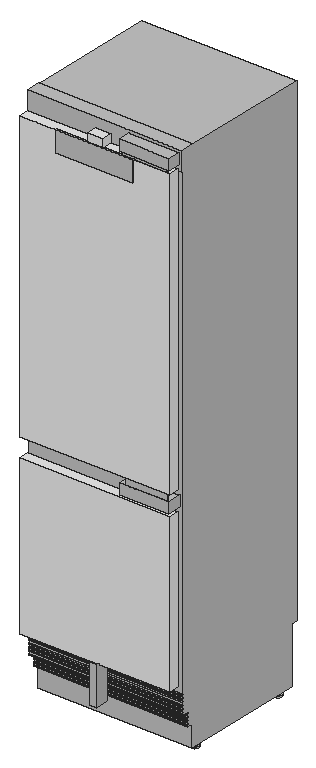
Revit family "FP-Revit18-RS6121WRUK1-FridgeFreezer-0-AS-AU-CN-EU-IE-NZ-SG-UK-90001108A", category Specialty Equipment, Revit 2020 (continued)
Definition of nested family "Handle Contemporary Square - Horizontal"
  Types (7, lengths in mm): name | Handle - Length
    (no name) | 646
    AHD3RD2484W - Contemporary square handle (2 of 2) (Horizontal) 494mm | 494
    AHD3RD3084W - Contemporary square handle (2 of 2) (Horizontal) 646mm | 646
    AHD3RS3272A - Contemporary square handle (2 of 2) (Horizontal) 646mm | 646
    AHD3RS80A - Contemporary square handle (2 of 2) (Horizontal) 646mm | 646
    AHD3RD6121W - Contemporary square handle (2 of 2) (Horizontal) 494mm | 494
    AHD3RD7621W - Contemporary square handle (2 of 2) (Horizontal) 646mm | 646
  Reference planes
    plane 1 "Center (Front/Back)": y = 0
    plane 2: z = 0
    plane 3 "Center (Left/Right)": x = 0
    plane 4 "Product LHS": x = -323
    plane 5 "Product RHS": x = 323
    plane 6 "LHS Standoff": x = -202.995
    plane 7 "RHS Standoff": x = 203.005
  Forms (mm)
    Extrusion 1, solid, material <- "Material - Handle", detail levels fine
      sketch origin (0, 0, 0) x (0, 1, 0) y (0, 0, 1)
        loop
          arc (-28.701, 7.561) -> (-29.057, 7.868) -> (-29.514, 7.978) r 1
          line (-29.514, 7.978) -> (-40.5, 7.978)
          arc (-40.5, 7.978) -> (-41.561, 7.539) -> (-42, 6.478) r 1.5
          line (-42, 6.478) -> (-42, -6.522)
          arc (-42, -6.522) -> (-41.561, -7.583) -> (-40.5, -8.022) r 1.5
          line (-40.5, -8.022) -> (-29.487, -8.022)
          arc (-29.487, -8.022) -> (-29.029, -7.911) -> (-28.673, -7.602) r 1
          arc (-28.673, -7.602) -> (-26.256, -0.016) -> (-28.701, 7.561) r 13.038
      from -323 to 323
    Extrusion 2, solid, material <- "Material - Handle", detail levels fine
      sketch origin (0, 0, 0) x (0, 1, 0) y (0, 0, 1)
        loop
          arc (-28.23, 7.062) -> (-26.156, 0.008) -> (-28.198, -7.056) r 13.136
          arc (-28.198, -7.056) -> (-28.21, -7.463) -> (-27.86, -7.67) r 0.4
          line (-27.86, -7.67) -> (0, -7.67) -> (0, 7.678) -> (-27.893, 7.678)
          arc (-27.893, 7.678) -> (-28.244, 7.47) -> (-28.23, 7.062) r 0.4
      from 203.005 to 323
    Extrusion 3, solid, material <- "Material - Handle", detail levels fine
      sketch origin (0, 0, 0) x (0, 1, 0) y (0, 0, -1)
        loop
          arc (-28.23, -7.062) -> (-28.244, -7.47) -> (-27.893, -7.678) r 0.4
          line (-27.893, -7.678) -> (0, -7.678) -> (0, 7.67) -> (-27.86, 7.67)
          arc (-27.86, 7.67) -> (-28.21, 7.463) -> (-28.198, 7.056) r 0.4
          arc (-28.198, 7.056) -> (-26.156, -0.008) -> (-28.23, -7.062) r 13.136
      from 202.995 to 323
    Sweep 4, void
      path in 3D
        loop
          line (323, -29.514, 7.978) -> (323, -40.5, 7.978)
          arc (323, -40.5, 7.978) -> (323, -41.561, 7.539) -> (323, -42, 6.478) r 1.5
          line (323, -42, 6.478) -> (323, -42, -6.522)
          arc (323, -42, -6.522) -> (323, -41.561, -7.583) -> (323, -40.5, -8.022) r 1.5
          line (323, -40.5, -8.022) -> (323, -29.487, -8.022)
      profile origin (323, -35.007, 7.978) x (1, 0, 0) y (0, 0, 1)
        loop
          line (0, 0) -> (-1.3, 0) -> (0, -1.3) -> (0, 0)
    Sweep 5, void
      path in 3D
        loop
          line (-323, -29.487, -8.022) -> (-323, -40.5, -8.022)
          arc (-323, -40.5, -8.022) -> (-323, -41.561, -7.583) -> (-323, -42, -6.522) r 1.5
          line (-323, -42, -6.522) -> (-323, -42, 6.478)
          arc (-323, -42, 6.478) -> (-323, -41.561, 7.539) -> (-323, -40.5, 7.978) r 1.5
          line (-323, -40.5, 7.978) -> (-323, -29.514, 7.978)
      profile origin (-323, -35.007, 7.978) x (-1, 0, 0) y (0, 0, 1)
        loop
          line (0, 0) -> (-1.3, 0) -> (0, -1.3) -> (0, 0)
    Extrusion 6, void
      sketch origin (0, 0, 0) x (1, 0, 0) y (0, 0, 1)
        loop
          line (323, 7.978) -> (321.7, 7.978) -> (323, 6.678) -> (323, 7.978)
        loop
          line (323, -8.022) -> (323, -6.722) -> (321.7, -8.022) -> (323, -8.022)
      from 0 to 40
    Extrusion 7, void
      sketch origin (0, 0, 0) x (1, 0, 0) y (0, 0, 1)
        loop
          line (-323, 7.978) -> (-323, 6.678) -> (-321.7, 7.978) -> (-323, 7.978)
        loop
          line (-323, -8.022) -> (-321.7, -8.022) -> (-323, -6.722) -> (-323, -8.022)
      from 0 to 40
    Extrusion 8, solid, material <- "Material - Handle", detail levels coarse+medium
      sketch origin (0, 0, 0) x (1, 0, 0) y (0, 1, 0)
        loop
          line (-323, -42) -> (323, -42) -> (323, 0) -> (203.005, 0) -> (203.005, -26.156) -> (-202.995, -26.156) -> (-202.995, 0) -> (-323, 0) -> (-323, -42)
      from -8.022 to 7.978
  Cuts and joins
    Sweep 4, Sweep 5, Extrusion 6, Extrusion 7 cuts Extrusion 1
    Extrusion 6 cuts Extrusion 2
    Extrusion 7 cuts Extrusion 3
  Lines and regions (mm)
    sketch lines
      curve 1: line (323, -29.514, 7.978) -> (323, -40.5, 7.978)
      curve 2: arc (323, -42, 6.478) -> (323, -41.561, 7.539) -> (323, -40.5, 7.978) r 1.5
      curve 3: line (323, -42, 6.478) -> (323, -42, -6.522)
      curve 4: arc (323, -40.5, -8.022) -> (323, -41.561, -7.583) -> (323, -42, -6.522) r 1.5
      curve 5: line (323, -40.5, -8.022) -> (323, -29.487, -8.022)
      curve 6: line (-323, -40.5, 7.978) -> (-323, -29.514, 7.978)
      curve 7: arc (-323, -40.5, 7.978) -> (-323, -41.561, 7.539) -> (-323, -42, 6.478) r 1.5
      curve 8: line (-323, -42, -6.522) -> (-323, -42, 6.478)
      curve 9: arc (-323, -42, -6.522) -> (-323, -41.561, -7.583) -> (-323, -40.5, -8.022) r 1.5
      curve 10: line (-323, -29.487, -8.022) -> (-323, -40.5, -8.022)
  Dimensions and locks
    equal spacing: plane 4 "Product LHS", plane 3 "Center (Left/Right)", plane 5 "Product RHS"
    "Handle - Length": plane 4 "Product LHS" to plane 5 "Product RHS"
    locked: plane 4 "Product LHS" to plane 6 "LHS Standoff" at 120.005
    locked: plane 7 "RHS Standoff" to plane 5 "Product RHS" at 119.995
    aligned and locked: level to plane 2
    aligned and locked: Extrusion 1 to plane 5 "Product RHS"
    aligned and locked: plane 4 "Product LHS" to Extrusion 1
    aligned and locked: Extrusion 2 to plane 5 "Product RHS"
    aligned and locked: plane 4 "Product LHS" to Extrusion 3
    aligned and locked: plane 4 "Product LHS" to Extrusion 8 sketch curve
    aligned and locked: Extrusion 8 sketch curve to plane 5 "Product RHS"
    aligned and locked: Extrusion 8 sketch curve to plane 7 "RHS Standoff"
    aligned and locked: plane 6 "LHS Standoff" to Extrusion 8 sketch curve
    aligned and locked: Extrusion 2 to plane 7 "RHS Standoff"
    aligned and locked: plane 6 "LHS Standoff" to Extrusion 3
  Automatic sketch dimensions
    Extrusion 1 sketch curve to level = 6.522 mm
    plane 1 "Center (Front/Back)" to Extrusion 1 sketch curve = 42 mm
    Extrusion 1 sketch curve to Extrusion 1 sketch curve = 1.5 mm  (x2)
    Extrusion 1 sketch curve to level = 0.04 mm
    Extrusion 1 sketch curve to Extrusion 1 sketch curve = 1.206 mm
    level to Extrusion 1 sketch curve = 6.978 mm
    Extrusion 1 sketch curve to Extrusion 1 sketch curve = 10.986 mm
    Extrusion 1 sketch curve to Extrusion 1 sketch curve = 11.013 mm
    Extrusion 1 sketch curve to Extrusion 1 sketch curve = 1 mm
    level to Extrusion 1 sketch curve = 6.478 mm
    Extrusion 1 sketch curve to Extrusion 1 sketch curve = 0 mm
    Extrusion 2 sketch curve to plane 1 "Center (Front/Back)" = 0 mm
    Extrusion 2 sketch curve to level = 7.67 mm
    Extrusion 2 sketch curve to Extrusion 2 sketch curve = 27.86 mm
    level to Extrusion 2 sketch curve = 7.678 mm
    Extrusion 2 sketch curve to Extrusion 2 sketch curve = 0.033 mm
    Extrusion 2 sketch curve to level = 0.022 mm
    Extrusion 2 sketch curve to Extrusion 2 sketch curve = 11.398 mm
    Extrusion 2 sketch curve to Extrusion 2 sketch curve = 0.4 mm  (x2)
    Extrusion 2 sketch curve to Extrusion 2 sketch curve = 0 mm
    Extrusion 3 sketch curve to plane 1 "Center (Front/Back)" = 0 mm
    Extrusion 3 sketch curve to level = 7.67 mm
    Extrusion 3 sketch curve to Extrusion 3 sketch curve = 27.86 mm
    level to Extrusion 3 sketch curve = 7.678 mm
    Extrusion 3 sketch curve to Extrusion 3 sketch curve = 0.033 mm
    Extrusion 3 sketch curve to level = 0.022 mm
    Extrusion 3 sketch curve to Extrusion 3 sketch curve = 11.398 mm
    Extrusion 3 sketch curve to Extrusion 3 sketch curve = 0.4 mm  (x2)
    Extrusion 3 sketch curve to Extrusion 3 sketch curve = 0 mm
    profile plane to Sweep 4 sketch curve = 0 mm
    Sweep 4 sketch curve to profile plane = 0 mm
    Sweep 4 sketch curve to profile plane = 1.3 mm
    profile plane to Sweep 4 sketch curve = 1.3 mm
    Sweep 5 sketch curve to profile plane = 0 mm  (x2)
    profile plane to Sweep 5 sketch curve = 1.3 mm
    Sweep 5 sketch curve to profile plane = 1.3 mm
    plane 5 "Product RHS" to Extrusion 6 sketch curve = 0 mm  (x2)
    Extrusion 6 sketch curve to Extrusion 6 sketch curve = 1.3 mm  (x4)
    Extrusion 6 sketch curve to level = 6.722 mm
    level to Extrusion 6 sketch curve = 6.678 mm
    plane 4 "Product LHS" to Extrusion 7 sketch curve = 0 mm  (x2)
    Extrusion 7 sketch curve to plane 4 "Product LHS" = 1.3 mm  (x2)
    Extrusion 7 sketch curve to level = 8.022 mm
    level to Extrusion 7 sketch curve = 6.678 mm
    Extrusion 7 sketch curve to Extrusion 7 sketch curve = 1.3 mm  (x2)
    plane 1 "Center (Front/Back)" to Extrusion 8 sketch curve = 0 mm  (x2)
    Extrusion 8 sketch curve to Extrusion 8 sketch curve = 26.156 mm
    Extrusion 8 sketch curve to Extrusion 8 sketch curve = 42 mm
Definition of nested family "F&P Handle Kit - Contemporary Square Fine - Horizontal"
  Parameters (values of type "AHD5RD2484W - Contemporary square fine handle (2 of 2) (Horizontal) 494mm")
    URL = "www.fisherpaykel.com"
    Material - Handle = none
    Manufacturer = "Fisher & Paykel Appliances"
    Handle - Length = 494 mm
    Default Elevation = 0 mm
  Types (15, lengths in mm): name | Handle - Length
    (no name) | 494
    AHD5RD2484W - Contemporary square fine handle (2 of 2) (Horizontal) 494mm | 494
    AHD5RD2484WB - Contemporary square fine black handle (2 of 2) (Horizontal) 494mm | 494
    AHD5RD3084W - Contemporary square fine handle (2 of 2) (Horizontal) 646mm | 646
    AHD5RD3084WB - Contemporary square fine black handle (2 of 2) (Horizontal) 646mm | 646
    AHD5RD7621W - Contemporary square fine handle (2 of 2) (Horizontal) 646mm | 646
    AHD5RD7621WB - Contemporary square fine handle black (2 of 2) (Horizontal) 646mm | 646
    AHD5RD6121W - Contemporary square fine handle (2 of 2) (Horizontal) 494mm | 494
    AHD5RD6121WB - Contemporary square fine handle black (2 of 2) (Horizontal) 494mm | 494
    AHD5RD36A - Contemporary square fine handle (2 of 2) (Horizontal) 746mm | 746
    AHD5RD36AB - Contemporary square fine black handle (2 of 2) (Horizontal) 746mm | 746
    AHD5RD90A - Contemporary square fine handle (2 of 2) (Horizontal) 746mm | 746
    AHD5RD80A - Contemporary square fine handle (2 of 2) (Horizontal) 646mm | 646
    AHD5RD80AB - Contemporary square fine black handle (2 of 2) (Horizontal) 646mm | 646
    AHD5RD90AB - Contemporary square fine black handle (2 of 2) (Horizontal) 746mm | 746
  Reference planes
    plane 1 "Center (Front/Back)": y = 0
    plane 2: z = 0
    plane 3 "Center (Left/Right)": x = 0
    plane 4 "Product LHS": x = -247
    plane 5 "Product RHS": x = 247
    plane 6 "LHS Standoff": x = -126.995
    plane 7 "RHS Standoff": x = 127.005
  Forms (mm)
    Extrusion 1, solid, material <- "Material - Handle", detail levels fine
      sketch origin (0, 0, 0) x (0, 1, 0) y (0, 0, 1)
        loop
          arc (-26.813, 6.16) -> (-27.196, 6.554) -> (-27.728, 6.686) r 1
          line (-27.728, 6.686) -> (-40.035, 6.256)
          arc (-40.035, 6.256) -> (-40.719, 5.951) -> (-41, 5.257) r 1
          line (-41, 5.257) -> (-41, -5.257)
          arc (-41, -5.257) -> (-40.719, -5.951) -> (-40.035, -6.256) r 1
          line (-40.035, -6.256) -> (-27.709, -6.686)
          arc (-27.709, -6.686) -> (-27.175, -6.554) -> (-26.792, -6.158) r 1
          arc (-26.792, -6.158) -> (-25.256, 0.004) -> (-26.813, 6.16) r 13.038
      from -247 to 247
    Extrusion 2, solid, material <- "Material - Handle", detail levels fine
      sketch origin (0, 0, 0) x (0, 1, 0) y (0, 0, 1)
        loop
          arc (-26.626, -6.008) -> (-26.614, -6.49) -> (-26.2, -6.737) r 0.5
          line (-26.2, -6.737) -> (0, -7.696) -> (0, 7.704) -> (-26.174, 6.747)
          arc (-26.174, 6.747) -> (-26.587, 6.5) -> (-26.6, 6.019) r 0.5
          arc (-26.6, 6.019) -> (-25.156, 0.002) -> (-26.626, -6.008) r 13.136
      from 127.005 to 247
    Extrusion 3, solid, material <- "Material - Handle", detail levels coarse+medium
      sketch origin (0, 0, 0) x (1, 0, 0) y (0, 1, 0)
        loop
          line (-247, -42) -> (247, -42) -> (247, 0) -> (127.005, 0) -> (127.005, -26.156) -> (-126.995, -26.156) -> (-126.995, 0) -> (-247, 0) -> (-247, -42)
      from -8.022 to 7.978
    Extrusion 4, solid, material <- "Material - Handle", detail levels fine
      sketch origin (0, 0, 0) x (0, 1, 0) y (0, 0, 1)
        loop
          arc (-26.626, -6.008) -> (-26.614, -6.49) -> (-26.2, -6.737) r 0.5
          line (-26.2, -6.737) -> (0, -7.696) -> (0, 7.704) -> (-26.174, 6.747)
          arc (-26.174, 6.747) -> (-26.587, 6.5) -> (-26.6, 6.019) r 0.5
          arc (-26.6, 6.019) -> (-25.156, 0.002) -> (-26.626, -6.008) r 13.136
      from -247 to -126.995
  Dimensions and locks
    equal spacing: plane 4 "Product LHS", plane 3 "Center (Left/Right)", plane 5 "Product RHS"
    "Handle - Length": plane 4 "Product LHS" to plane 5 "Product RHS"
    locked: plane 4 "Product LHS" to plane 6 "LHS Standoff" at 120.005
    locked: plane 7 "RHS Standoff" to plane 5 "Product RHS" at 119.995
    aligned and locked: level to plane 2
    aligned and locked: Extrusion 1 to plane 5 "Product RHS"
    aligned and locked: plane 4 "Product LHS" to Extrusion 1
    aligned and locked: Extrusion 2 to plane 5 "Product RHS"
    aligned and locked: plane 4 "Product LHS" to Extrusion 3 sketch curve
    aligned and locked: Extrusion 3 sketch curve to plane 5 "Product RHS"
    aligned and locked: Extrusion 3 sketch curve to plane 7 "RHS Standoff"
    aligned and locked: plane 6 "LHS Standoff" to Extrusion 3 sketch curve
    aligned and locked: plane 4 "Product LHS" to Extrusion 4
    aligned and locked: plane 6 "LHS Standoff" to Extrusion 4
    aligned and locked: Extrusion 2 to plane 7 "RHS Standoff"
  Automatic sketch dimensions
    Extrusion 1 sketch curve to level = 5.257 mm
    plane 1 "Center (Front/Back)" to Extrusion 1 sketch curve = 41 mm
    level to Extrusion 1 sketch curve = 6.256 mm
    Extrusion 1 sketch curve to Extrusion 1 sketch curve = 0.965 mm  (x2)
    Extrusion 1 sketch curve to level = 6.256 mm
    Extrusion 1 sketch curve to Extrusion 1 sketch curve = 0.035 mm  (x3)
    Extrusion 1 sketch curve to level = 0.018 mm
    Extrusion 1 sketch curve to Extrusion 1 sketch curve = 1.706 mm
    level to Extrusion 1 sketch curve = 6.686 mm
    Extrusion 1 sketch curve to Extrusion 1 sketch curve = 12.307 mm
    Extrusion 1 sketch curve to level = 6.686 mm
    Extrusion 1 sketch curve to Extrusion 1 sketch curve = 12.326 mm
    Extrusion 1 sketch curve to Extrusion 1 sketch curve = 0.999 mm  (x2)
    Extrusion 1 sketch curve to Extrusion 1 sketch curve = 0 mm
    Extrusion 2 sketch curve to plane 1 "Center (Front/Back)" = 0 mm
    level to Extrusion 2 sketch curve = 6.247 mm
    plane 1 "Center (Front/Back)" to Extrusion 2 sketch curve = 26.155 mm
    level to Extrusion 2 sketch curve = 6.747 mm
    Extrusion 2 sketch curve to Extrusion 2 sketch curve = 0.018 mm  (x2)
    Extrusion 2 sketch curve to level = 6.238 mm
    Extrusion 2 sketch curve to Extrusion 2 sketch curve = 0.026 mm
    Extrusion 2 sketch curve to level = 6.737 mm
    level to Extrusion 2 sketch curve = 0.03 mm
    Extrusion 2 sketch curve to Extrusion 2 sketch curve = 12.11 mm
    Extrusion 2 sketch curve to level = 7.696 mm
    level to Extrusion 2 sketch curve = 7.704 mm
    Extrusion 2 sketch curve to Extrusion 2 sketch curve = 0 mm
    plane 1 "Center (Front/Back)" to Extrusion 3 sketch curve = 42 mm
    Extrusion 3 sketch curve to Extrusion 3 sketch curve = 15.844 mm
    Extrusion 3 sketch curve to Extrusion 3 sketch curve = 26.156 mm  (x2)
    level to Extrusion 4 sketch curve = 0.03 mm
    plane 1 "Center (Front/Back)" to Extrusion 4 sketch curve = 38.291 mm
    Extrusion 4 sketch curve to level = 6.737 mm
    Extrusion 4 sketch curve to Extrusion 4 sketch curve = 12.091 mm
    Extrusion 4 sketch curve to Extrusion 4 sketch curve = 0.018 mm  (x2)
    level to Extrusion 4 sketch curve = 6.747 mm
    Extrusion 4 sketch curve to Extrusion 4 sketch curve = 0.008 mm
    level to Extrusion 4 sketch curve = 7.704 mm
    Extrusion 4 sketch curve to Extrusion 4 sketch curve = 26.174 mm
    Extrusion 4 sketch curve to level = 7.696 mm
    Extrusion 4 sketch curve to Extrusion 4 sketch curve = 0.5 mm  (x2)
    Extrusion 4 sketch curve to Extrusion 4 sketch curve = 0 mm
Definition of nested family "Visibility Control Note 18"
  Types (3): name
    New
    Resolved
    Active
  Reference planes
    plane 1: y = 0
    plane 2: x = 0
  Text (mm)
    text "Edit Type: \nTo control handle kit \nand door panel visibility\n options\n\nDelete unwanted kits \nto reduce file size" at (-0.165, 35.556, 0)
